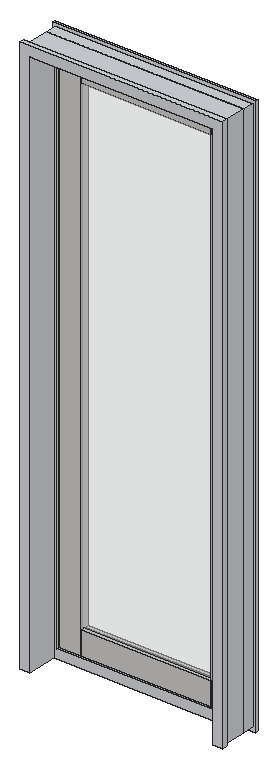
Revit family "APL Residential Thermal Heart Hinged Door Open In", category Doors, host Wall, Revit 2017 (continued)
Definition of nested family "APL Residential Thermal Heart Hinged Door Open In Horizontal Section"
  Definition of nested family "Open In Jamb&Hinge"
    Definition of nested family "65300_Open In Frame"
      Lines and regions (mm)
        model lines, in view "Ref. Level"
          curve 344: line (-8.072, -33.265, 0) -> (-14.428, -27.931, 0)
          curve 345: line (-14.1, -2.4, 0) -> (-14.1, -25.631, 0)
          curve 346: line (-13.528, -26.859, 0) -> (-7.044, -32.3, 0)
          curve 347: line (-6.369, -32.27, 0) -> (-1.693, -27.594, 0)
          curve 348: line (-1.4, -26.886, 0) -> (-1.4, -22.466, 0)
          curve 349: line (-2.14, -21.5, 0) -> (-2.14, -15, 0)
          curve 350: line (-1.055, -13.806, 0) -> (-1.055, -8.9, 0)
          curve 351: line (-1.555, -8.4, 0) -> (-2.5, -8.4, 0)
          curve 352: line (-4.1, -7.014, 0) -> (-4.1, -1.9, 0)
          curve 353: line (-4.6, -1.4, 0) -> (-13.102, -1.4, 0)
      Text (mm)
        text "65300" at (11.86, 30.704, 0), in view "Ref. Level"
  Definition of nested family "Open In Jamb"
    Types (2): name
      Open Out Jamb
      Jamb
    Reference planes
      plane 1 "Center (Front/Back)": y = 0
      plane 2: z = 0
      plane 3 "Center (Left/Right)": x = 0
    Lines and regions (mm)
      detail lines, in view "Ref. Level", not visible
        curve 1: arc (27.921, 135.423, 0) -> (27.611, 135.563, 0) -> (27.449, 135.264, 0) r 0.25
        curve 2: arc (27.475, 125.376, 0) -> (27.637, 125.077, 0) -> (27.948, 125.217, 0) r 0.25
        curve 3: line (27.449, 135.264, 0) -> (28.443, 131.396, 0)
        curve 4: line (28.443, 131.396, 0) -> (27.439, 130.817, 0)
        curve 5: line (27.439, 130.817, 0) -> (27.439, 129.817, 0)
        curve 6: line (27.439, 129.817, 0) -> (28.465, 129.225, 0)
        curve 7: line (28.465, 129.225, 0) -> (27.475, 125.376, 0)
        curve 8: line (27.948, 125.217, 0) -> (29.672, 129.317, 0)
        curve 9: line (29.672, 129.317, 0) -> (30.939, 129.317, 0)
        curve 10: line (30.939, 129.317, 0) -> (30.939, 128.067, 0)
        curve 11: line (30.939, 128.067, 0) -> (31.939, 128.067, 0)
        curve 12: line (31.939, 128.067, 0) -> (31.939, 132.567, 0)
        curve 13: line (31.939, 132.567, 0) -> (30.939, 132.567, 0)
        curve 14: line (30.939, 132.567, 0) -> (30.939, 131.317, 0)
        curve 15: line (30.939, 131.317, 0) -> (29.647, 131.317, 0)
        curve 16: line (29.647, 131.317, 0) -> (27.921, 135.423, 0)
        curve 17: arc (43.239, 46.459, 0) -> (43.098, 46.401, 0) -> (43.039, 46.259, 0) r 0.2
        curve 18: arc (43.039, 43.539, 0) -> (42.981, 43.398, 0) -> (42.839, 43.339, 0) r 0.2
        curve 19: arc (41.739, 43.339, 0) -> (41.032, 43.632, 0) -> (40.739, 44.339, 0) r 1
        curve 20: arc (40.304, 42.421, 0) -> (39.422, 41.539, 0) -> (38.539, 42.421, 0) r 0.882
        curve 21: arc (38.539, 44.651, 0) -> (38.545, 44.752, 0) -> (38.56, 44.852, 0) r 1
        curve 22: arc (39.401, 48.942, 0) -> (39.95, 49.665, 0) -> (40.814, 49.939, 0) r 1.5
        curve 23: arc (42.039, 49.939, 0) -> (42.747, 49.646, 0) -> (43.039, 48.939, 0) r 1
        curve 24: arc (47.988, 48.439, 0) -> (48.168, 48.327, 0) -> (48.146, 48.116, 0) r 0.2
        curve 25: arc (46.796, 45.416, 0) -> (46.657, 45.31, 0) -> (46.487, 45.354, 0) r 0.2
        curve 26: line (43.039, 46.259, 0) -> (43.039, 43.539, 0)
        curve 27: line (42.839, 43.339, 0) -> (42.439, 43.339, 0)
        curve 28: line (42.439, 43.339, 0) -> (41.739, 43.339, 0)
        curve 29: line (40.739, 44.339, 0) -> (40.739, 47.344, 0)
        curve 30: line (40.739, 47.344, 0) -> (40.312, 44.702, 0)
        curve 31: line (40.312, 44.702, 0) -> (40.304, 42.421, 0)
        curve 32: line (38.539, 42.421, 0) -> (38.539, 44.651, 0)
        curve 33: line (38.56, 44.852, 0) -> (39.401, 48.942, 0)
        curve 34: line (40.944, 49.939, 0) -> (42.039, 49.939, 0)
        curve 35: line (43.039, 48.939, 0) -> (43.039, 48.439, 0)
        curve 36: line (43.039, 48.439, 0) -> (47.988, 48.439, 0)
        curve 37: line (48.146, 48.116, 0) -> (46.796, 45.416, 0)
        curve 38: line (46.487, 45.354, 0) -> (45.203, 46.459, 0)
        curve 39: arc (45.203, 46.459, 0) -> (44.221, 46.592, 0) -> (43.239, 46.459, 0) r 3.701
        curve 40: arc (48.146, 48.116, 0) -> (48.168, 48.327, 0) -> (47.988, 48.439, 0) r 0.2
      detail lines, in view "Ref. Level"
        curve 41: arc (130.406, 36.74, 0) -> (130.546, 36.43, 0) -> (130.247, 36.267, 0) r 0.25
        curve 42: arc (120.359, 36.294, 0) -> (120.059, 36.456, 0) -> (120.199, 36.766, 0) r 0.25
        curve 43: line (130.247, 36.267, 0) -> (126.379, 37.261, 0)
        curve 44: line (126.379, 37.261, 0) -> (125.8, 36.258, 0)
        curve 45: line (125.8, 36.258, 0) -> (124.8, 36.258, 0)
        curve 46: line (124.8, 36.258, 0) -> (124.208, 37.283, 0)
        curve 47: line (124.208, 37.283, 0) -> (120.359, 36.294, 0)
        curve 48: line (120.199, 36.766, 0) -> (124.3, 38.49, 0)
        curve 49: line (124.3, 38.49, 0) -> (124.3, 39.758, 0)
        curve 50: line (124.3, 39.758, 0) -> (123.05, 39.758, 0)
        curve 51: line (123.05, 39.758, 0) -> (123.05, 40.758, 0)
        curve 52: line (123.05, 40.758, 0) -> (127.55, 40.758, 0)
        curve 53: line (127.55, 40.758, 0) -> (127.55, 39.758, 0)
        curve 54: line (127.55, 39.758, 0) -> (126.3, 39.758, 0)
        curve 55: line (126.3, 39.758, 0) -> (126.3, 38.466, 0)
        curve 56: line (126.3, 38.466, 0) -> (130.406, 36.74, 0)
        curve 57: arc (49.459, -8.742, 0) -> (49.401, -8.6, 0) -> (49.259, -8.542, 0) r 0.2
        curve 58: arc (46.539, -8.542, 0) -> (46.398, -8.483, 0) -> (46.339, -8.342, 0) r 0.2
        curve 59: arc (46.339, -7.242, 0) -> (46.632, -6.535, 0) -> (47.339, -6.242, 0) r 1
        curve 60: arc (45.421, -5.807, 0) -> (44.539, -4.924, 0) -> (45.421, -4.042, 0) r 0.882
        curve 61: arc (47.651, -4.042, 0) -> (47.752, -4.047, 0) -> (47.852, -4.062, 0) r 1
        curve 62: arc (51.942, -4.904, 0) -> (52.665, -5.452, 0) -> (52.939, -6.317, 0) r 1.5
        curve 63: arc (52.939, -7.542, 0) -> (52.646, -8.249, 0) -> (51.939, -8.542, 0) r 1
        curve 64: arc (51.439, -13.491, 0) -> (51.327, -13.67, 0) -> (51.116, -13.649, 0) r 0.2
        curve 65: arc (48.416, -12.299, 0) -> (48.31, -12.159, 0) -> (48.354, -11.99, 0) r 0.2
        curve 66: line (49.259, -8.542, 0) -> (46.539, -8.542, 0)
        curve 67: line (46.339, -8.342, 0) -> (46.339, -7.942, 0)
        curve 68: line (46.339, -7.942, 0) -> (46.339, -7.242, 0)
        curve 69: line (47.339, -6.242, 0) -> (50.344, -6.242, 0)
        curve 70: line (50.344, -6.242, 0) -> (47.702, -5.814, 0)
        curve 71: line (47.702, -5.814, 0) -> (45.421, -5.807, 0)
        curve 72: line (45.421, -4.042, 0) -> (47.651, -4.042, 0)
        curve 73: line (47.852, -4.062, 0) -> (51.942, -4.904, 0)
        curve 74: line (52.939, -6.447, 0) -> (52.939, -7.542, 0)
        curve 75: line (51.939, -8.542, 0) -> (51.439, -8.542, 0)
        curve 76: line (51.439, -8.542, 0) -> (51.439, -13.491, 0)
        curve 77: line (51.116, -13.649, 0) -> (48.416, -12.299, 0)
        curve 78: line (48.354, -11.99, 0) -> (49.459, -10.705, 0)
        curve 79: arc (49.459, -10.705, 0) -> (49.592, -9.724, 0) -> (49.459, -8.742, 0) r 3.701
        curve 80: arc (51.116, -13.649, 0) -> (51.327, -13.67, 0) -> (51.439, -13.491, 0) r 0.2
    Nested families
      nested 1: "65210_Lock Stile" at (40.05, -4.042, 0) x (0, 1, 0) z (0, 0, 1), type "65210_Lock Stile", in view "Ref. Level"
      nested 2: "65300_Open In Frame" at (25.5, 0, 0) x (0, 1, 0) z (0, 0, 1), type "65300_Open In Frame", in view "Ref. Level"
    Definition of nested family "65210_Lock Stile"
      Reference planes
        plane 1 "Center (Front/Back)": y = 0
        plane 2: z = 0
        plane 3 "Center (Left/Right)": x = 0
      Lines and regions (mm)
        model lines, in view "Ref. Level"
          curve 1: arc (27.4, 64.45, 0) -> (27.272, 64.668, 0) -> (27.019, 64.663, 0) r 0.25
          curve 2: arc (26.934, 64.611, 0) -> (26.828, 64.479, 0) -> (26.831, 64.309, 0) r 0.25
          curve 3: arc (25.577, 63.544, 0) -> (25.502, 63.511, 0) -> (25.421, 63.5, 0) r 0.3
          curve 4: arc (24.9, 63.5, 0) -> (24.742, 63.578, 0) -> (24.706, 63.75, 0) r 0.2
          curve 5: arc (24.9, 67.753, 0) -> (24.874, 67.875, 0) -> (24.8, 67.976, 0) r 0.3
          curve 6: arc (24.8, 67.976, 0) -> (24.72, 68.307, 0) -> (25, 68.5, 0) r 0.3
          curve 7: arc (27.221, 67.957, 0) -> (27.31, 67.905, 0) -> (27.362, 67.816, 0) r 0.2
          curve 8: arc (27.407, 67.648, 0) -> (27.548, 67.507, 0) -> (27.741, 67.559, 0) r 0.2
          curve 9: arc (28.105, 67.922, 0) -> (28.165, 68.008, 0) -> (28.192, 68.108, 0) r 0.3
          curve 10: arc (28.399, 70.474, 0) -> (28.283, 70.738, 0) -> (27.997, 70.782, 0) r 0.3
          curve 11: arc (26.587, 70.268, 0) -> (26.461, 70.181, 0) -> (26.395, 70.043, 0) r 0.3
          curve 12: arc (26.395, 70.043, 0) -> (26.122, 69.801, 0) -> (25.817, 70, 0) r 0.3
          curve 13: arc (24.003, 70, 0) -> (23.295, 69.707, 0) -> (23.003, 69, 0) r 1
          curve 14: arc (23.003, 63.28, 0) -> (22.944, 63.139, 0) -> (22.803, 63.08, 0) r 0.2
          curve 15: arc (17.703, 63.08, 0) -> (17.561, 63.139, 0) -> (17.503, 63.28, 0) r 0.2
          curve 16: arc (17.503, 69, 0) -> (17.21, 69.707, 0) -> (16.503, 70, 0) r 1
          curve 17: arc (9.5, 70, 0) -> (9.359, 69.941, 0) -> (9.3, 69.8, 0) r 0.2
          curve 18: arc (9.3, 69.5, 0) -> (9.38, 69.2, 0) -> (9.6, 68.98, 0) r 0.6
          curve 19: arc (10.7, 68.345, 0) -> (10.773, 68.272, 0) -> (10.8, 68.172, 0) r 0.2
          curve 20: arc (10.8, 64.08, 0) -> (10.507, 63.373, 0) -> (9.8, 63.08, 0) r 1
          curve 21: arc (2.42, 63.08, 0) -> (1.721, 63.366, 0) -> (1.421, 64.06, 0) r 1
          curve 22: arc (1.322, 68.935, 0) -> (1.357, 69.052, 0) -> (1.453, 69.127, 0) r 0.2
          curve 23: arc (1.453, 69.127, 0) -> (1.621, 69.234, 0) -> (1.725, 69.403, 0) r 0.45
          curve 24: arc (1.725, 69.403, 0) -> (1.729, 69.522, 0) -> (1.665, 69.621, 0) r 0.2
          curve 25: arc (0.2, 70, 0) -> (0.059, 69.941, 0) -> (0, 69.8, 0) r 0.2
          curve 26: arc (0, 0.501, 0) -> (0.146, 0.147, 0) -> (0.5, 0, 0) r 0.5
          curve 27: arc (1, 0, 0) -> (1.354, 0.146, 0) -> (1.5, 0.5, 0) r 0.5
          curve 28: arc (1.5, 2.8, 0) -> (1.559, 2.941, 0) -> (1.7, 3, 0) r 0.2
          curve 29: arc (31.817, 3, 0) -> (32.122, 3.199, 0) -> (32.395, 2.957, 0) r 0.3
          curve 30: arc (32.395, 2.957, 0) -> (32.461, 2.819, 0) -> (32.587, 2.732, 0) r 0.3
          curve 31: arc (33.997, 2.218, 0) -> (34.283, 2.262, 0) -> (34.399, 2.526, 0) r 0.3
          curve 32: arc (34.192, 4.892, 0) -> (34.165, 4.992, 0) -> (34.105, 5.078, 0) r 0.3
          curve 33: arc (33.741, 5.441, 0) -> (33.548, 5.493, 0) -> (33.407, 5.352, 0) r 0.2
          curve 34: arc (33.362, 5.184, 0) -> (33.31, 5.095, 0) -> (33.221, 5.043, 0) r 0.2
          curve 35: arc (31, 4.5, 0) -> (30.72, 4.693, 0) -> (30.8, 5.024, 0) r 0.3
          curve 36: arc (30.8, 5.024, 0) -> (30.874, 5.125, 0) -> (30.9, 5.247, 0) r 0.3
          curve 37: arc (30.706, 9.25, 0) -> (30.742, 9.422, 0) -> (30.9, 9.5, 0) r 0.2
          curve 38: arc (31.421, 9.5, 0) -> (31.502, 9.489, 0) -> (31.577, 9.456, 0) r 0.3
          curve 39: arc (32.831, 8.691, 0) -> (32.828, 8.521, 0) -> (32.934, 8.389, 0) r 0.25
          curve 40: arc (33.02, 8.337, 0) -> (33.272, 8.332, 0) -> (33.4, 8.55, 0) r 0.25
          curve 41: arc (33.4, 11.2, 0) -> (33.341, 11.341, 0) -> (33.2, 11.4, 0) r 0.2
          curve 42: arc (30, 11.4, 0) -> (29.293, 11.107, 0) -> (29, 10.4, 0) r 1
          curve 43: arc (2.1, 4.6, 0) -> (1.746, 4.746, 0) -> (1.6, 5.1, 0) r 0.5
          curve 44: arc (1.6, 60.98, 0) -> (1.746, 61.334, 0) -> (2.1, 61.48, 0) r 0.5
          curve 45: arc (9.8, 61.48, 0) -> (11.638, 62.242, 0) -> (12.4, 64.08, 0) r 2.6
          curve 46: arc (12.4, 68.2, 0) -> (12.459, 68.341, 0) -> (12.6, 68.4, 0) r 0.2
          curve 47: arc (15.703, 68.4, 0) -> (15.844, 68.341, 0) -> (15.903, 68.2, 0) r 0.2
          curve 48: arc (15.903, 62, 0) -> (16.049, 61.646, 0) -> (16.403, 61.5, 0) r 0.5
          curve 49: arc (27.2, 61.5, 0) -> (27.341, 61.559, 0) -> (27.4, 61.7, 0) r 0.2
          curve 50: line (26.831, 64.309, 0) -> (25.577, 63.544, 0)
          curve 51: line (25.577, 63.544, 0) -> (24.9, 63.5, 0)
          curve 52: line (24.706, 63.75, 0) -> (24.894, 64.475, 0)
          curve 53: line (24.894, 64.475, 0) -> (24.9, 67.753, 0)
          curve 54: line (25.154, 68.5, 0) -> (27.221, 67.957, 0)
          curve 55: line (27.221, 67.957, 0) -> (27.407, 67.648, 0)
          curve 56: line (27.741, 67.559, 0) -> (28.105, 67.922, 0)
          curve 57: line (28.192, 68.108, 0) -> (28.399, 70.474, 0)
          curve 58: line (27.997, 70.782, 0) -> (26.587, 70.268, 0)
          curve 59: line (25.817, 70, 0) -> (24.003, 70, 0)
          curve 60: line (23.003, 69, 0) -> (23.003, 63.28, 0)
          curve 61: line (22.803, 63.08, 0) -> (17.703, 63.08, 0)
          curve 62: line (17.503, 63.28, 0) -> (17.503, 69, 0)
          curve 63: line (16.503, 70, 0) -> (9.5, 70, 0)
          curve 64: line (9.3, 69.8, 0) -> (9.3, 69.5, 0)
          curve 65: line (9.6, 68.98, 0) -> (10.7, 68.345, 0)
          curve 66: line (10.8, 68.172, 0) -> (10.8, 64.08, 0)
          curve 67: line (9.8, 63.08, 0) -> (2.42, 63.08, 0)
          curve 68: line (1.421, 64.06, 0) -> (1.322, 68.935, 0)
          curve 69: line (1.665, 69.621, 0) -> (1.269, 69.953, 0)
          curve 70: line (1.269, 69.953, 0) -> (0.2, 70, 0)
          curve 71: line (0, 69.8, 0) -> (0, 0.501, 0)
          curve 72: line (0.5, 0, 0) -> (1, 0, 0)
          curve 73: line (1.5, 0.5, 0) -> (1.5, 2.8, 0)
          curve 74: line (1.7, 3, 0) -> (17.6, 3, 0)
          curve 75: line (17.6, 3, 0) -> (18, 3.4, 0)
          curve 76: line (18, 3.4, 0) -> (18.4, 3, 0)
          curve 77: line (18.4, 3, 0) -> (19.6, 3, 0)
          curve 78: line (19.6, 3, 0) -> (20, 3.4, 0)
          curve 79: line (20, 3.4, 0) -> (20.4, 3, 0)
          curve 80: line (20.4, 3, 0) -> (31.817, 3, 0)
          curve 81: line (32.587, 2.732, 0) -> (33.997, 2.218, 0)
          curve 82: line (34.399, 2.526, 0) -> (34.192, 4.892, 0)
          curve 83: line (34.105, 5.078, 0) -> (33.741, 5.441, 0)
          curve 84: line (33.407, 5.352, 0) -> (33.362, 5.184, 0)
          curve 85: line (33.362, 5.184, 0) -> (31.232, 4.51, 0)
          curve 86: line (31.232, 4.51, 0) -> (31, 4.5, 0)
          curve 87: line (30.9, 5.247, 0) -> (30.9, 8.475, 0)
          curve 88: line (30.9, 8.475, 0) -> (30.706, 9.25, 0)
          curve 89: line (30.9, 9.5, 0) -> (31.421, 9.5, 0)
          curve 90: line (31.421, 9.5, 0) -> (32.831, 8.691, 0)
          curve 91: line (33.4, 8.55, 0) -> (33.4, 11.2, 0)
          curve 92: line (33.2, 11.4, 0) -> (30, 11.4, 0)
          curve 93: line (29, 10.4, 0) -> (29, 5.8, 0)
          curve 94: line (29, 5.8, 0) -> (23.5, 5.8, 0)
          curve 95: line (23.5, 5.8, 0) -> (22.3, 4.6, 0)
          curve 96: line (22.3, 4.6, 0) -> (15.7, 4.6, 0)
          curve 97: line (15.7, 4.6, 0) -> (14.5, 5.8, 0)
          curve 98: line (14.5, 5.8, 0) -> (9.5, 5.8, 0)
          curve 99: line (9.5, 5.8, 0) -> (8.3, 4.6, 0)
          curve 100: line (8.3, 4.6, 0) -> (2.1, 4.6, 0)
          curve 101: line (1.6, 5.1, 0) -> (1.6, 60.98, 0)
          curve 102: line (2.1, 61.48, 0) -> (9.8, 61.48, 0)
          curve 103: line (12.4, 64.08, 0) -> (12.4, 68.2, 0)
          curve 104: line (12.6, 68.4, 0) -> (15.703, 68.4, 0)
          curve 105: line (15.903, 68.2, 0) -> (15.903, 62, 0)
          curve 106: line (16.403, 61.5, 0) -> (19.603, 61.5, 0)
          curve 107: line (19.603, 61.5, 0) -> (20.003, 61.9, 0)
          curve 108: line (20.003, 61.9, 0) -> (20.403, 61.5, 0)
          curve 109: line (20.403, 61.5, 0) -> (27.2, 61.5, 0)
          curve 110: line (27.4, 61.7, 0) -> (27.4, 64.45, 0)
          curve 111: line (27.4, 64.45, 0) -> (27.4, 63.6, 0)
          curve 112: arc (41, 62.874, 0) -> (41.128, 62.385, 0) -> (41.479, 62.021, 0) r 1
          curve 113: arc (42.049, 61.673, 0) -> (42.174, 61.619, 0) -> (42.309, 61.6, 0) r 0.5
          curve 114: arc (44.9, 61.6, 0) -> (45.254, 61.746, 0) -> (45.4, 62.1, 0) r 0.5
          curve 115: arc (45.4, 68.091, 0) -> (45.455, 68.318, 0) -> (45.608, 68.496, 0) r 0.5
          curve 116: arc (45.608, 68.496, 0) -> (45.836, 68.687, 0) -> (46.035, 68.908, 0) r 2.1
          curve 117: arc (46.035, 68.908, 0) -> (46.21, 69.049, 0) -> (46.429, 69.1, 0) r 0.5
          curve 118: arc (49.6, 69.1, 0) -> (49.954, 68.954, 0) -> (50.1, 68.6, 0) r 0.5
          curve 119: arc (50.1, 15.4, 0) -> (49.954, 15.046, 0) -> (49.6, 14.9, 0) r 0.5
          curve 120: arc (45.3, 14.9, 0) -> (45.159, 14.841, 0) -> (45.1, 14.7, 0) r 0.2
          curve 121: arc (45.1, 13.1, 0) -> (45.159, 12.959, 0) -> (45.3, 12.9, 0) r 0.2
          curve 122: arc (49.9, 12.9, 0) -> (50.041, 12.841, 0) -> (50.1, 12.7, 0) r 0.2
          curve 123: arc (50.1, 11.7, 0) -> (50.041, 11.559, 0) -> (49.9, 11.5, 0) r 0.2
          curve 124: arc (48.473, 11.5, 0) -> (48.338, 11.481, 0) -> (48.212, 11.427, 0) r 0.5
          curve 125: arc (47.479, 10.979, 0) -> (47.128, 10.615, 0) -> (47, 10.126, 0) r 1
          curve 126: arc (47, 8.55, 0) -> (47.128, 8.332, 0) -> (47.38, 8.337, 0) r 0.25
          curve 127: arc (47.466, 8.389, 0) -> (47.572, 8.521, 0) -> (47.569, 8.691, 0) r 0.25
          curve 128: arc (48.823, 9.456, 0) -> (48.898, 9.489, 0) -> (48.979, 9.5, 0) r 0.3
          curve 129: arc (49.5, 9.5, 0) -> (49.658, 9.422, 0) -> (49.694, 9.25, 0) r 0.2
          curve 130: arc (49.5, 5.247, 0) -> (49.526, 5.125, 0) -> (49.6, 5.024, 0) r 0.3
          curve 131: arc (49.6, 5.024, 0) -> (49.68, 4.693, 0) -> (49.4, 4.5, 0) r 0.3
          curve 132: arc (47.179, 5.043, 0) -> (47.09, 5.095, 0) -> (47.038, 5.184, 0) r 0.2
          curve 133: arc (46.993, 5.352, 0) -> (46.852, 5.493, 0) -> (46.659, 5.441, 0) r 0.2
          curve 134: arc (46.295, 5.078, 0) -> (46.235, 4.992, 0) -> (46.208, 4.892, 0) r 0.3
          curve 135: arc (46.001, 2.526, 0) -> (46.117, 2.262, 0) -> (46.403, 2.218, 0) r 0.3
          curve 136: arc (47.813, 2.732, 0) -> (47.939, 2.819, 0) -> (48.005, 2.957, 0) r 0.3
          curve 137: arc (48.005, 2.957, 0) -> (48.278, 3.199, 0) -> (48.583, 3, 0) r 0.3
          curve 138: arc (50.5, 0.5, 0) -> (50.646, 0.146, 0) -> (51, 0, 0) r 0.5
          curve 139: arc (51.5, 0, 0) -> (51.854, 0.146, 0) -> (52, 0.5, 0) r 0.5
          curve 140: arc (52, 89.2, 0) -> (51.8, 89.4, 0) -> (51.6, 89.2, 0) r 0.2
          curve 141: arc (43, 89, 0) -> (42.646, 88.854, 0) -> (42.5, 88.5, 0) r 0.5
          curve 142: arc (42.5, 87.25, 0) -> (43, 86.75, 0) -> (43.5, 87.25, 0) r 0.5
          curve 143: arc (43.5, 87.8, 0) -> (43.559, 87.941, 0) -> (43.7, 88, 0) r 0.2
          curve 144: arc (44.8, 88, 0) -> (44.941, 87.941, 0) -> (45, 87.8, 0) r 0.2
          curve 145: arc (45, 82.7, 0) -> (44.941, 82.559, 0) -> (44.8, 82.5, 0) r 0.2
          curve 146: arc (43.7, 82.5, 0) -> (43.559, 82.559, 0) -> (43.5, 82.7, 0) r 0.2
          curve 147: arc (43.5, 83.25, 0) -> (43, 83.75, 0) -> (42.5, 83.25, 0) r 0.5
          curve 148: arc (42.5, 81.7, 0) -> (42.559, 81.559, 0) -> (42.7, 81.5, 0) r 0.2
          curve 149: arc (46, 81.5, 0) -> (46.354, 81.646, 0) -> (46.5, 82, 0) r 0.5
          curve 150: arc (46.5, 87, 0) -> (46.646, 87.354, 0) -> (47, 87.5, 0) r 0.5
          curve 151: arc (49.6, 87.5, 0) -> (49.954, 87.354, 0) -> (50.1, 87, 0) r 0.5
          curve 152: arc (50.1, 71.5, 0) -> (49.954, 71.146, 0) -> (49.6, 71, 0) r 0.5
          curve 153: arc (44.78, 71, 0) -> (44.639, 70.941, 0) -> (44.58, 70.8, 0) r 0.2
          curve 154: arc (44.58, 70.2, 0) -> (44.521, 70.059, 0) -> (44.38, 70, 0) r 0.2
          curve 155: arc (42.583, 70, 0) -> (42.278, 69.801, 0) -> (42.005, 70.043, 0) r 0.3
          curve 156: arc (42.005, 70.043, 0) -> (41.939, 70.181, 0) -> (41.813, 70.268, 0) r 0.3
          curve 157: arc (40.403, 70.782, 0) -> (40.117, 70.738, 0) -> (40.001, 70.474, 0) r 0.3
          curve 158: arc (40.208, 68.108, 0) -> (40.235, 68.008, 0) -> (40.295, 67.922, 0) r 0.3
          curve 159: arc (40.659, 67.559, 0) -> (40.852, 67.507, 0) -> (40.993, 67.648, 0) r 0.2
          curve 160: arc (41.038, 67.816, 0) -> (41.09, 67.905, 0) -> (41.179, 67.957, 0) r 0.2
          curve 161: arc (43.4, 68.5, 0) -> (43.68, 68.307, 0) -> (43.6, 67.976, 0) r 0.3
          curve 162: arc (43.6, 67.976, 0) -> (43.526, 67.875, 0) -> (43.5, 67.753, 0) r 0.3
          curve 163: arc (43.694, 63.75, 0) -> (43.658, 63.578, 0) -> (43.5, 63.5, 0) r 0.2
          curve 164: arc (42.979, 63.5, 0) -> (42.898, 63.511, 0) -> (42.823, 63.544, 0) r 0.3
          curve 165: arc (41.569, 64.309, 0) -> (41.572, 64.479, 0) -> (41.466, 64.611, 0) r 0.25
          curve 166: line (41, 64.45, 0) -> (41, 62.874, 0)
          curve 167: line (41.479, 62.021, 0) -> (42.049, 61.673, 0)
          curve 168: line (42.309, 61.6, 0) -> (44.9, 61.6, 0)
          curve 169: line (45.4, 62.1, 0) -> (45.4, 68.091, 0)
          curve 170: line (46.429, 69.1, 0) -> (49.6, 69.1, 0)
          curve 171: line (50.1, 68.6, 0) -> (50.1, 15.4, 0)
          curve 172: line (49.6, 14.9, 0) -> (45.3, 14.9, 0)
          curve 173: line (45.1, 14.7, 0) -> (45.1, 13.1, 0)
          curve 174: line (45.3, 12.9, 0) -> (49.9, 12.9, 0)
          curve 175: line (50.1, 12.7, 0) -> (50.1, 11.7, 0)
          curve 176: line (49.9, 11.5, 0) -> (48.473, 11.5, 0)
          curve 177: line (48.212, 11.427, 0) -> (47.479, 10.979, 0)
          curve 178: line (47, 10.126, 0) -> (47, 8.55, 0)
          curve 179: line (47.569, 8.691, 0) -> (48.823, 9.456, 0)
          curve 180: line (48.823, 9.456, 0) -> (49.5, 9.5, 0)
          curve 181: line (49.694, 9.25, 0) -> (49.506, 8.525, 0)
          curve 182: line (49.506, 8.525, 0) -> (49.5, 5.247, 0)
          curve 183: line (49.246, 4.5, 0) -> (47.179, 5.043, 0)
          curve 184: line (47.179, 5.043, 0) -> (46.993, 5.352, 0)
          curve 185: line (46.659, 5.441, 0) -> (46.295, 5.078, 0)
          curve 186: line (46.208, 4.892, 0) -> (46.001, 2.526, 0)
          curve 187: line (46.403, 2.218, 0) -> (47.813, 2.732, 0)
          curve 188: line (48.583, 3, 0) -> (50.5, 3, 0)
          curve 189: line (50.5, 3, 0) -> (50.5, 0.5, 0)
          curve 190: line (51, 0, 0) -> (51.5, 0, 0)
          curve 191: line (52, 0.5, 0) -> (52, 89.2, 0)
          curve 192: line (51.6, 89.2, 0) -> (51.6, 89, 0)
          curve 193: line (51.6, 89, 0) -> (43, 89, 0)
          curve 194: line (42.5, 88.5, 0) -> (42.5, 87.25, 0)
          curve 195: line (43.5, 87.25, 0) -> (43.5, 87.8, 0)
          curve 196: line (43.7, 88, 0) -> (44.8, 88, 0)
          curve 197: line (45, 87.8, 0) -> (45, 82.7, 0)
          curve 198: line (44.8, 82.5, 0) -> (43.7, 82.5, 0)
          curve 199: line (43.5, 82.7, 0) -> (43.5, 83.25, 0)
          curve 200: line (42.5, 83.25, 0) -> (42.5, 81.7, 0)
          curve 201: line (42.7, 81.5, 0) -> (46, 81.5, 0)
          curve 202: line (46.5, 82, 0) -> (46.5, 87, 0)
          curve 203: line (47, 87.5, 0) -> (49.6, 87.5, 0)
          curve 204: line (50.1, 87, 0) -> (50.1, 71.5, 0)
          curve 205: line (49.6, 71, 0) -> (44.78, 71, 0)
          curve 206: line (44.58, 70.8, 0) -> (44.58, 70.2, 0)
          curve 207: line (44.38, 70, 0) -> (42.583, 70, 0)
          curve 208: line (41.813, 70.268, 0) -> (40.403, 70.782, 0)
          curve 209: line (40.001, 70.474, 0) -> (40.208, 68.108, 0)
          curve 210: line (40.295, 67.922, 0) -> (40.659, 67.559, 0)
          curve 211: line (40.993, 67.648, 0) -> (41.038, 67.816, 0)
          curve 212: line (41.038, 67.816, 0) -> (43.168, 68.49, 0)
          curve 213: line (43.168, 68.49, 0) -> (43.4, 68.5, 0)
          curve 214: line (43.5, 67.753, 0) -> (43.5, 64.525, 0)
          curve 215: line (43.5, 64.525, 0) -> (43.694, 63.75, 0)
          curve 216: line (43.5, 63.5, 0) -> (42.979, 63.5, 0)
          curve 217: line (42.979, 63.5, 0) -> (41.569, 64.309, 0)
          curve 218: arc (41.38, 64.663, 0) -> (41.128, 64.668, 0) -> (41, 64.45, 0) r 0.25
          curve 219: arc (30.9, 8.561, 0) -> (31.017, 8.844, 0) -> (31.3, 8.961, 0) r 0.4
          curve 220: arc (31.593, 8.961, 0) -> (31.696, 8.947, 0) -> (31.793, 8.907, 0) r 0.4
          curve 221: arc (33.321, 8.022, 0) -> (33.611, 7.902, 0) -> (33.922, 7.861, 0) r 1.2
          curve 222: arc (34.845, 7.861, 0) -> (35.418, 7.68, 0) -> (35.784, 7.203, 0) r 1
          curve 223: arc (36.577, 5.024, 0) -> (36.724, 4.833, 0) -> (36.953, 4.761, 0) r 0.4
          curve 224: arc (43.447, 4.761, 0) -> (43.676, 4.833, 0) -> (43.823, 5.024, 0) r 0.4
          curve 225: arc (44.616, 7.203, 0) -> (44.982, 7.68, 0) -> (45.555, 7.861, 0) r 1
          curve 226: arc (46.478, 7.861, 0) -> (46.789, 7.902, 0) -> (47.079, 8.022, 0) r 1.2
          curve 227: arc (48.607, 8.907, 0) -> (48.704, 8.947, 0) -> (48.807, 8.961, 0) r 0.4
          curve 228: arc (49.1, 8.961, 0) -> (49.383, 8.844, 0) -> (49.5, 8.561, 0) r 0.4
          curve 229: arc (49.5, 5.161, 0) -> (49.383, 4.878, 0) -> (49.1, 4.761, 0) r 0.4
          curve 230: arc (48.807, 4.761, 0) -> (48.704, 4.775, 0) -> (48.607, 4.815, 0) r 0.4
          curve 231: arc (47.079, 5.699, 0) -> (46.785, 5.821, 0) -> (46.47, 5.861, 0) r 1.2
          curve 232: arc (46.47, 5.861, 0) -> (46.295, 5.808, 0) -> (46.184, 5.664, 0) r 0.3
          curve 233: arc (45.296, 3.224, 0) -> (45.149, 3.033, 0) -> (44.92, 2.961, 0) r 0.4
          curve 234: arc (35.48, 2.961, 0) -> (35.251, 3.033, 0) -> (35.104, 3.224, 0) r 0.4
          curve 235: arc (34.216, 5.664, 0) -> (34.105, 5.808, 0) -> (33.93, 5.861, 0) r 0.3
          curve 236: arc (33.93, 5.861, 0) -> (33.615, 5.821, 0) -> (33.321, 5.699, 0) r 1.2
          curve 237: arc (31.793, 4.815, 0) -> (31.696, 4.775, 0) -> (31.593, 4.761, 0) r 0.4
          curve 238: arc (31.3, 4.761, 0) -> (31.017, 4.878, 0) -> (30.9, 5.161, 0) r 0.4
          curve 239: line (31.3, 8.961, 0) -> (31.593, 8.961, 0)
          curve 240: line (31.793, 8.907, 0) -> (33.321, 8.022, 0)
          curve 241: line (33.922, 7.861, 0) -> (34.845, 7.861, 0)
          curve 242: line (35.784, 7.203, 0) -> (36.577, 5.024, 0)
          curve 243: line (36.953, 4.761, 0) -> (43.447, 4.761, 0)
          curve 244: line (43.823, 5.024, 0) -> (44.616, 7.203, 0)
          curve 245: line (45.555, 7.861, 0) -> (46.478, 7.861, 0)
          curve 246: line (47.079, 8.022, 0) -> (48.607, 8.907, 0)
          curve 247: line (48.807, 8.961, 0) -> (49.1, 8.961, 0)
          curve 248: line (49.5, 8.561, 0) -> (49.5, 5.161, 0)
          curve 249: line (49.1, 4.761, 0) -> (48.807, 4.761, 0)
          curve 250: line (48.607, 4.815, 0) -> (47.079, 5.699, 0)
          curve 251: line (46.184, 5.664, 0) -> (45.296, 3.224, 0)
          curve 252: line (44.92, 2.961, 0) -> (35.48, 2.961, 0)
          curve 253: line (35.104, 3.224, 0) -> (34.216, 5.664, 0)
          curve 254: line (33.321, 5.699, 0) -> (31.793, 4.815, 0)
          curve 255: line (31.593, 4.761, 0) -> (31.3, 4.761, 0)
          curve 256: line (30.9, 5.161, 0) -> (30.9, 8.561, 0)
          curve 257: arc (24.9, 64.439, 0) -> (25.017, 64.156, 0) -> (25.3, 64.039, 0) r 0.4
          curve 258: arc (25.593, 64.039, 0) -> (25.696, 64.053, 0) -> (25.793, 64.093, 0) r 0.4
          curve 259: arc (27.321, 64.978, 0) -> (27.611, 65.098, 0) -> (27.922, 65.139, 0) r 1.2
          curve 260: arc (28.845, 65.139, 0) -> (29.418, 65.32, 0) -> (29.784, 65.797, 0) r 1
          curve 261: arc (30.577, 67.976, 0) -> (30.724, 68.167, 0) -> (30.953, 68.239, 0) r 0.4
          curve 262: arc (37.447, 68.239, 0) -> (37.676, 68.167, 0) -> (37.823, 67.976, 0) r 0.4
          curve 263: arc (38.616, 65.797, 0) -> (38.982, 65.32, 0) -> (39.555, 65.139, 0) r 1
          curve 264: arc (40.478, 65.139, 0) -> (40.789, 65.098, 0) -> (41.079, 64.978, 0) r 1.2
          curve 265: arc (42.607, 64.093, 0) -> (42.704, 64.053, 0) -> (42.807, 64.039, 0) r 0.4
          curve 266: arc (43.1, 64.039, 0) -> (43.383, 64.156, 0) -> (43.5, 64.439, 0) r 0.4
          curve 267: arc (43.5, 67.839, 0) -> (43.383, 68.122, 0) -> (43.1, 68.239, 0) r 0.4
          curve 268: arc (42.807, 68.239, 0) -> (42.704, 68.225, 0) -> (42.607, 68.185, 0) r 0.4
          curve 269: arc (41.079, 67.301, 0) -> (40.785, 67.179, 0) -> (40.47, 67.139, 0) r 1.2
          curve 270: arc (40.47, 67.139, 0) -> (40.295, 67.192, 0) -> (40.184, 67.336, 0) r 0.3
          curve 271: arc (39.296, 69.776, 0) -> (39.149, 69.967, 0) -> (38.92, 70.039, 0) r 0.4
          curve 272: arc (29.48, 70.039, 0) -> (29.251, 69.967, 0) -> (29.104, 69.776, 0) r 0.4
          curve 273: arc (28.216, 67.336, 0) -> (28.105, 67.192, 0) -> (27.93, 67.139, 0) r 0.3
          curve 274: arc (27.93, 67.139, 0) -> (27.615, 67.179, 0) -> (27.321, 67.301, 0) r 1.2
          curve 275: arc (25.793, 68.185, 0) -> (25.696, 68.225, 0) -> (25.593, 68.239, 0) r 0.4
          curve 276: arc (25.3, 68.239, 0) -> (25.017, 68.122, 0) -> (24.9, 67.839, 0) r 0.4
          curve 277: line (25.3, 64.039, 0) -> (25.593, 64.039, 0)
          curve 278: line (25.793, 64.093, 0) -> (27.321, 64.978, 0)
          curve 279: line (27.922, 65.139, 0) -> (28.845, 65.139, 0)
          curve 280: line (29.784, 65.797, 0) -> (30.577, 67.976, 0)
          curve 281: line (30.953, 68.239, 0) -> (37.447, 68.239, 0)
          curve 282: line (37.823, 67.976, 0) -> (38.616, 65.797, 0)
          curve 283: line (39.555, 65.139, 0) -> (40.478, 65.139, 0)
          curve 284: line (41.079, 64.978, 0) -> (42.607, 64.093, 0)
          curve 285: line (42.807, 64.039, 0) -> (43.1, 64.039, 0)
          curve 286: line (43.5, 64.439, 0) -> (43.5, 67.839, 0)
          curve 287: line (43.1, 68.239, 0) -> (42.807, 68.239, 0)
          curve 288: line (42.607, 68.185, 0) -> (41.079, 67.301, 0)
          curve 289: line (40.184, 67.336, 0) -> (39.296, 69.776, 0)
          curve 290: line (38.92, 70.039, 0) -> (29.48, 70.039, 0)
          curve 291: line (29.104, 69.776, 0) -> (28.216, 67.336, 0)
          curve 292: line (27.321, 67.301, 0) -> (25.793, 68.185, 0)
          curve 293: line (25.593, 68.239, 0) -> (25.3, 68.239, 0)
          curve 294: line (24.9, 67.839, 0) -> (24.9, 64.439, 0)
      Text (mm)
        text "65210" at (8.097, 105.51, 0), in view "Ref. Level"
    Definition of nested family "65300_Open In Frame"
      Reference planes
        plane 1 "Center (Front/Back)": y = 0
        plane 2: z = 0
        plane 3 "Center (Left/Right)": x = 0
      Lines and regions (mm)
        model lines, in view "Ref. Level"
          curve 1: arc (41.813, -11.527, 0) -> (41.517, -11.698, 0) -> (41.4, -12.02, 0) r 0.5
          curve 2: arc (41.4, -13.4, 0) -> (41.341, -13.541, 0) -> (41.2, -13.6, 0) r 0.2
          curve 3: arc (16.255, -13.6, 0) -> (16.114, -13.541, 0) -> (16.055, -13.4, 0) r 0.2
          curve 4: arc (16.055, -8.6, 0) -> (16.114, -8.459, 0) -> (16.255, -8.4, 0) r 0.2
          curve 5: arc (16.9, -8.4, 0) -> (17.961, -7.961, 0) -> (18.4, -6.9, 0) r 1.5
          curve 6: arc (18.4, -2.6, 0) -> (18.459, -2.459, 0) -> (18.6, -2.4, 0) r 0.2
          curve 7: arc (23.2, -2.4, 0) -> (23.341, -2.341, 0) -> (23.4, -2.2, 0) r 0.2
          curve 8: arc (23.4, -1.6, 0) -> (23.459, -1.459, 0) -> (23.6, -1.4, 0) r 0.2
          curve 9: arc (33.4, -1.4, 0) -> (33.541, -1.459, 0) -> (33.6, -1.6, 0) r 0.2
          curve 10: arc (33.6, -2.2, 0) -> (33.659, -2.341, 0) -> (33.8, -2.4, 0) r 0.2
          curve 11: arc (38.4, -2.4, 0) -> (38.541, -2.341, 0) -> (38.6, -2.2, 0) r 0.2
          curve 12: arc (38.6, -1.6, 0) -> (38.659, -1.459, 0) -> (38.8, -1.4, 0) r 0.2
          curve 13: arc (39.375, -1.4, 0) -> (39.996, -1.318, 0) -> (40.575, -1.078, 0) r 2.4
          curve 14: arc (48.4, 2.4, 0) -> (48.541, 2.341, 0) -> (48.6, 2.2, 0) r 0.2
          curve 15: arc (48.6, -2.8, 0) -> (48.454, -3.154, 0) -> (48.1, -3.3, 0) r 0.5
          curve 16: arc (46, -3.3, 0) -> (45.01, -3.71, 0) -> (44.6, -4.7, 0) r 1.4
          curve 17: arc (44.6, -10.616, 0) -> (44.483, -10.938, 0) -> (44.187, -11.109, 0) r 0.5
          curve 18: arc (16.4, -1.5, 0) -> (16.68, -1.693, 0) -> (16.6, -2.024, 0) r 0.3
          curve 19: arc (16.6, -2.024, 0) -> (16.526, -2.125, 0) -> (16.5, -2.247, 0) r 0.3
          curve 20: arc (16.694, -6.25, 0) -> (16.658, -6.422, 0) -> (16.5, -6.5, 0) r 0.2
          curve 21: arc (15.979, -6.5, 0) -> (15.898, -6.489, 0) -> (15.823, -6.456, 0) r 0.3
          curve 22: arc (14.569, -5.691, 0) -> (14.572, -5.521, 0) -> (14.466, -5.389, 0) r 0.25
          curve 23: arc (14.38, -5.337, 0) -> (14.15, -5.321, 0) -> (14.005, -5.5, 0) r 0.25
          curve 24: arc (13.755, -5.5, 0) -> (13.614, -5.559, 0) -> (13.555, -5.7, 0) r 0.2
          curve 25: arc (13.555, -7.186, 0) -> (13.581, -7.284, 0) -> (13.651, -7.356, 0) r 0.2
          curve 26: arc (14.059, -7.606, 0) -> (14.129, -7.679, 0) -> (14.155, -7.776, 0) r 0.2
          curve 27: arc (15.056, -16.445, 0) -> (15.361, -16.746, 0) -> (15.787, -16.701, 0) r 0.5
          curve 28: arc (15.924, -16.617, 0) -> (16.074, -16.697, 0) -> (16.24, -16.663, 0) r 0.25
          curve 29: arc (16.326, -16.611, 0) -> (16.432, -16.479, 0) -> (16.429, -16.309, 0) r 0.25
          curve 30: arc (17.682, -15.544, 0) -> (17.758, -15.511, 0) -> (17.839, -15.5, 0) r 0.3
          curve 31: arc (18.36, -15.5, 0) -> (18.518, -15.578, 0) -> (18.554, -15.75, 0) r 0.2
          curve 32: arc (18.36, -19.753, 0) -> (18.386, -19.875, 0) -> (18.46, -19.976, 0) r 0.3
          curve 33: arc (18.46, -19.976, 0) -> (18.54, -20.307, 0) -> (18.26, -20.5, 0) r 0.3
          curve 34: arc (16.039, -19.957, 0) -> (15.95, -19.905, 0) -> (15.898, -19.816, 0) r 0.2
          curve 35: arc (15.853, -19.648, 0) -> (15.712, -19.507, 0) -> (15.519, -19.559, 0) r 0.2
          curve 36: arc (15.155, -19.922, 0) -> (15.095, -20.008, 0) -> (15.068, -20.108, 0) r 0.3
          curve 37: arc (14.861, -22.474, 0) -> (14.977, -22.738, 0) -> (15.263, -22.782, 0) r 0.3
          curve 38: arc (16.673, -22.268, 0) -> (16.799, -22.181, 0) -> (16.865, -22.043, 0) r 0.3
          curve 39: arc (16.865, -22.043, 0) -> (17.138, -21.801, 0) -> (17.443, -22, 0) r 0.3
          curve 40: arc (19.76, -22, 0) -> (20.114, -21.854, 0) -> (20.26, -21.5, 0) r 0.5
          curve 41: arc (20.26, -15.2, 0) -> (20.319, -15.059, 0) -> (20.46, -15, 0) r 0.2
          curve 42: arc (24.707, -15.057, 0) -> (24.868, -15.163, 0) -> (25.057, -15.2, 0) r 0.5
          curve 43: arc (34.743, -15.2, 0) -> (34.932, -15.164, 0) -> (35.093, -15.057, 0) r 0.485
          curve 44: arc (41.4, -15, 0) -> (42.39, -14.59, 0) -> (42.8, -13.6, 0) r 1.4
          curve 45: arc (42.8, -13.194, 0) -> (42.917, -12.873, 0) -> (43.213, -12.702, 0) r 0.5
          curve 46: arc (44.013, -12.561, 0) -> (44.421, -12.67, 0) -> (44.6, -13.053, 0) r 0.5
          curve 47: arc (44.6, -24.2, 0) -> (44.981, -25.119, 0) -> (45.9, -25.5, 0) r 1.3
          curve 48: arc (55.35, -25.5, 0) -> (56, -24.85, 0) -> (55.35, -24.2, 0) r 0.65
          curve 49: arc (49.5, -4.7, 0) -> (49.854, -4.554, 0) -> (50, -4.2, 0) r 0.5
          curve 50: arc (50, 7.5, 0) -> (49.707, 8.207, 0) -> (49, 8.5, 0) r 1
          curve 51: arc (46.6, 8.5, 0) -> (45.893, 8.207, 0) -> (45.6, 7.5, 0) r 1
          curve 52: arc (45.6, 7.4, 0) -> (45.688, 7.188, 0) -> (45.9, 7.1, 0) r 0.3
          curve 53: arc (48.4, 7.1, 0) -> (48.541, 7.041, 0) -> (48.6, 6.9, 0) r 0.2
          curve 54: arc (48.6, 4, 0) -> (48.541, 3.859, 0) -> (48.4, 3.8, 0) r 0.2
          curve 55: arc (46.6, 3.8, 0) -> (46.238, 3.752, 0) -> (45.9, 3.612, 0) r 1.4
          curve 56: arc (39.875, 0.134, 0) -> (39.634, 0.034, 0) -> (39.375, 0, 0) r 1
          curve 57: arc (15.583, 0, 0) -> (15.278, -0.199, 0) -> (15.005, 0.043, 0) r 0.3
          curve 58: arc (15.005, 0.043, 0) -> (14.939, 0.181, 0) -> (14.813, 0.268, 0) r 0.3
          curve 59: arc (13.403, 0.782, 0) -> (13.117, 0.738, 0) -> (13.001, 0.474, 0) r 0.3
          curve 60: arc (13.208, -1.892, 0) -> (13.235, -1.992, 0) -> (13.295, -2.078, 0) r 0.3
          curve 61: arc (13.659, -2.441, 0) -> (13.852, -2.493, 0) -> (13.993, -2.352, 0) r 0.2
          curve 62: line (41.4, -12.02, 0) -> (41.4, -13.4, 0)
          curve 63: line (41.2, -13.6, 0) -> (16.255, -13.6, 0)
          curve 64: line (16.055, -13.4, 0) -> (16.055, -8.6, 0)
          curve 65: line (16.255, -8.4, 0) -> (16.9, -8.4, 0)
          curve 66: line (18.4, -6.9, 0) -> (18.4, -2.6, 0)
          curve 67: line (18.6, -2.4, 0) -> (23.2, -2.4, 0)
          curve 68: line (23.4, -2.2, 0) -> (23.4, -1.6, 0)
          curve 69: line (23.6, -1.4, 0) -> (33.4, -1.4, 0)
          curve 70: line (33.6, -1.6, 0) -> (33.6, -2.2, 0)
          curve 71: line (33.8, -2.4, 0) -> (38.4, -2.4, 0)
          curve 72: line (38.6, -2.2, 0) -> (38.6, -1.6, 0)
          curve 73: line (38.8, -1.4, 0) -> (39.375, -1.4, 0)
          curve 74: line (40.575, -1.078, 0) -> (46.554, 2.373, 0)
          curve 75: line (46.554, 2.373, 0) -> (48.4, 2.4, 0)
          curve 76: line (48.6, 2.2, 0) -> (48.6, -2.8, 0)
          curve 77: line (48.1, -3.3, 0) -> (46, -3.3, 0)
          curve 78: line (44.6, -4.7, 0) -> (44.6, -10.616, 0)
          curve 79: line (44.187, -11.109, 0) -> (41.813, -11.527, 0)
          curve 80: line (13.993, -2.352, 0) -> (14.179, -2.043, 0)
          curve 81: line (14.179, -2.043, 0) -> (16.168, -1.51, 0)
          curve 82: line (16.168, -1.51, 0) -> (16.4, -1.5, 0)
          curve 83: line (16.5, -2.247, 0) -> (16.5, -5.475, 0)
          curve 84: line (16.5, -5.475, 0) -> (16.694, -6.25, 0)
          curve 85: line (16.5, -6.5, 0) -> (15.979, -6.5, 0)
          curve 86: line (15.979, -6.5, 0) -> (14.569, -5.691, 0)
          curve 87: line (14.005, -5.5, 0) -> (13.755, -5.5, 0)
          curve 88: line (13.555, -5.7, 0) -> (13.555, -7.186, 0)
          curve 89: line (13.651, -7.356, 0) -> (14.059, -7.606, 0)
          curve 90: line (14.155, -7.776, 0) -> (14.155, -13.934, 0)
          curve 91: line (14.155, -13.934, 0) -> (15.056, -16.445, 0)
          curve 92: line (15.787, -16.701, 0) -> (15.924, -16.617, 0)
          curve 93: line (16.429, -16.309, 0) -> (17.682, -15.544, 0)
          curve 94: line (17.682, -15.544, 0) -> (18.36, -15.5, 0)
          curve 95: line (18.554, -15.75, 0) -> (18.366, -16.475, 0)
          curve 96: line (18.366, -16.475, 0) -> (18.36, -19.753, 0)
          curve 97: line (18.106, -20.5, 0) -> (16.039, -19.957, 0)
          curve 98: line (16.039, -19.957, 0) -> (15.853, -19.648, 0)
          curve 99: line (15.519, -19.559, 0) -> (15.155, -19.922, 0)
          curve 100: line (15.068, -20.108, 0) -> (14.861, -22.474, 0)
          curve 101: line (15.263, -22.782, 0) -> (16.673, -22.268, 0)
          curve 102: line (17.443, -22, 0) -> (19.76, -22, 0)
          curve 103: line (20.26, -21.5, 0) -> (20.26, -15.2, 0)
          curve 104: line (20.46, -15, 0) -> (24.567, -15, 0)
          curve 105: line (25.057, -15.2, 0) -> (29.5, -15.2, 0)
          curve 106: line (29.5, -15.2, 0) -> (29.9, -14.8, 0)
          curve 107: line (29.9, -14.8, 0) -> (30.3, -15.2, 0)
          curve 108: line (30.3, -15.2, 0) -> (34.743, -15.2, 0)
          curve 109: line (35.233, -15, 0) -> (41.4, -15, 0)
          curve 110: line (42.8, -13.6, 0) -> (42.8, -13.194, 0)
          curve 111: line (43.213, -12.702, 0) -> (44.013, -12.561, 0)
          curve 112: line (44.6, -13.053, 0) -> (44.6, -24.2, 0)
          curve 113: line (45.9, -25.5, 0) -> (47.7, -25.5, 0)
          curve 114: line (47.7, -25.5, 0) -> (48, -25.2, 0)
          curve 115: line (48, -25.2, 0) -> (53.25, -25.2, 0)
          curve 116: line (53.25, -25.2, 0) -> (53.55, -25.5, 0)
          curve 117: line (53.55, -25.5, 0) -> (55.35, -25.5, 0)
          curve 118: line (55.35, -24.2, 0) -> (46, -24.2, 0)
          curve 119: line (46, -24.2, 0) -> (46, -4.7, 0)
          curve 120: line (46, -4.7, 0) -> (49.5, -4.7, 0)
          curve 121: line (50, -4.2, 0) -> (50, 7.5, 0)
          curve 122: line (49, 8.5, 0) -> (46.6, 8.5, 0)
          curve 123: line (45.9, 7.1, 0) -> (48.4, 7.1, 0)
          curve 124: line (48.6, 6.9, 0) -> (48.6, 4, 0)
          curve 125: line (48.4, 3.8, 0) -> (46.6, 3.8, 0)
          curve 126: line (45.9, 3.612, 0) -> (39.875, 0.134, 0)
          curve 127: line (39.375, 0, 0) -> (36.5, 0, 0)
          curve 128: line (36.5, 0, 0) -> (36.1, -0.4, 0)
          curve 129: line (36.1, -0.4, 0) -> (35.7, 0, 0)
          curve 130: line (35.7, 0, 0) -> (25.9, 0, 0)
          curve 131: line (25.9, 0, 0) -> (25.5, -0.4, 0)
          curve 132: line (25.5, -0.4, 0) -> (25.1, 0, 0)
          curve 133: line (25.1, 0, 0) -> (15.583, 0, 0)
          curve 134: line (14.813, 0.268, 0) -> (13.403, 0.782, 0)
          curve 135: line (13.001, 0.474, 0) -> (13.208, -1.892, 0)
          curve 136: line (13.295, -2.078, 0) -> (13.659, -2.441, 0)
          curve 137: arc (14.038, -2.184, 0) -> (14.09, -2.095, 0) -> (14.179, -2.043, 0) r 0.2
          curve 138: arc (-0.24, -19.661, 0) -> (-0.123, -19.944, 0) -> (0.16, -20.061, 0) r 0.4
          curve 139: arc (0.453, -20.061, 0) -> (0.556, -20.047, 0) -> (0.653, -20.007, 0) r 0.4
          curve 140: arc (2.181, -19.122, 0) -> (2.471, -19.002, 0) -> (2.782, -18.961, 0) r 1.2
          curve 141: arc (3.705, -18.961, 0) -> (4.278, -18.78, 0) -> (4.644, -18.303, 0) r 1
          curve 142: arc (5.437, -16.124, 0) -> (5.584, -15.933, 0) -> (5.813, -15.861, 0) r 0.4
          curve 143: arc (12.307, -15.861, 0) -> (12.536, -15.933, 0) -> (12.683, -16.124, 0) r 0.4
          curve 144: arc (13.476, -18.303, 0) -> (13.842, -18.78, 0) -> (14.415, -18.961, 0) r 1
          curve 145: arc (15.338, -18.961, 0) -> (15.649, -19.002, 0) -> (15.939, -19.122, 0) r 1.2
          curve 146: arc (17.467, -20.007, 0) -> (17.564, -20.047, 0) -> (17.667, -20.061, 0) r 0.4
          curve 147: arc (17.96, -20.061, 0) -> (18.243, -19.944, 0) -> (18.36, -19.661, 0) r 0.4
          curve 148: arc (18.36, -16.261, 0) -> (18.243, -15.978, 0) -> (17.96, -15.861, 0) r 0.4
          curve 149: arc (17.667, -15.861, 0) -> (17.564, -15.875, 0) -> (17.467, -15.915, 0) r 0.4
          curve 150: arc (15.939, -16.799, 0) -> (15.645, -16.921, 0) -> (15.33, -16.961, 0) r 1.2
          curve 151: arc (15.33, -16.961, 0) -> (15.155, -16.908, 0) -> (15.044, -16.764, 0) r 0.3
          curve 152: arc (14.156, -14.324, 0) -> (14.009, -14.133, 0) -> (13.78, -14.061, 0) r 0.4
          curve 153: arc (4.34, -14.061, 0) -> (4.111, -14.133, 0) -> (3.964, -14.324, 0) r 0.4
          curve 154: arc (3.076, -16.764, 0) -> (2.965, -16.908, 0) -> (2.79, -16.961, 0) r 0.3
          curve 155: arc (2.79, -16.961, 0) -> (2.475, -16.921, 0) -> (2.181, -16.799, 0) r 1.2
          curve 156: arc (0.653, -15.915, 0) -> (0.556, -15.875, 0) -> (0.453, -15.861, 0) r 0.4
          curve 157: arc (0.16, -15.861, 0) -> (-0.123, -15.978, 0) -> (-0.24, -16.261, 0) r 0.4
          curve 158: line (0.16, -20.061, 0) -> (0.453, -20.061, 0)
          curve 159: line (0.653, -20.007, 0) -> (2.181, -19.122, 0)
          curve 160: line (2.782, -18.961, 0) -> (3.705, -18.961, 0)
          curve 161: line (4.644, -18.303, 0) -> (5.437, -16.124, 0)
          curve 162: line (5.813, -15.861, 0) -> (12.307, -15.861, 0)
          curve 163: line (12.683, -16.124, 0) -> (13.476, -18.303, 0)
          curve 164: line (14.415, -18.961, 0) -> (15.338, -18.961, 0)
          curve 165: line (15.939, -19.122, 0) -> (17.467, -20.007, 0)
          curve 166: line (17.667, -20.061, 0) -> (17.96, -20.061, 0)
          curve 167: line (18.36, -19.661, 0) -> (18.36, -16.261, 0)
          curve 168: line (17.96, -15.861, 0) -> (17.667, -15.861, 0)
          curve 169: line (17.467, -15.915, 0) -> (15.939, -16.799, 0)
          curve 170: line (15.044, -16.764, 0) -> (14.156, -14.324, 0)
          curve 171: line (13.78, -14.061, 0) -> (4.34, -14.061, 0)
          curve 172: line (3.964, -14.324, 0) -> (3.076, -16.764, 0)
          curve 173: line (2.181, -16.799, 0) -> (0.653, -15.915, 0)
          curve 174: line (0.453, -15.861, 0) -> (0.16, -15.861, 0)
          curve 175: line (-0.24, -16.261, 0) -> (-0.24, -19.661, 0)
          curve 176: arc (-2.1, -5.6, 0) -> (-1.983, -5.883, 0) -> (-1.7, -6, 0) r 0.4
          curve 177: arc (-1.407, -6, 0) -> (-1.304, -5.986, 0) -> (-1.207, -5.946, 0) r 0.4
          curve 178: arc (0.321, -5.061, 0) -> (0.611, -4.941, 0) -> (0.922, -4.9, 0) r 1.2
          curve 179: arc (1.845, -4.9, 0) -> (2.418, -4.719, 0) -> (2.784, -4.242, 0) r 1
          curve 180: arc (3.577, -2.063, 0) -> (3.724, -1.872, 0) -> (3.953, -1.8, 0) r 0.4
          curve 181: arc (10.447, -1.8, 0) -> (10.676, -1.872, 0) -> (10.823, -2.063, 0) r 0.4
          curve 182: arc (11.616, -4.242, 0) -> (11.982, -4.719, 0) -> (12.555, -4.9, 0) r 1
          curve 183: arc (13.478, -4.9, 0) -> (13.789, -4.941, 0) -> (14.079, -5.061, 0) r 1.2
          curve 184: arc (15.607, -5.946, 0) -> (15.704, -5.986, 0) -> (15.807, -6, 0) r 0.4
          curve 185: arc (16.1, -6, 0) -> (16.383, -5.883, 0) -> (16.5, -5.6, 0) r 0.4
          curve 186: arc (16.5, -2.2, 0) -> (16.383, -1.917, 0) -> (16.1, -1.8, 0) r 0.4
          curve 187: arc (15.807, -1.8, 0) -> (15.704, -1.814, 0) -> (15.607, -1.854, 0) r 0.4
          curve 188: arc (14.079, -2.739, 0) -> (13.785, -2.86, 0) -> (13.47, -2.9, 0) r 1.2
          curve 189: arc (13.47, -2.9, 0) -> (13.295, -2.847, 0) -> (13.184, -2.703, 0) r 0.3
          curve 190: arc (12.296, -0.263, 0) -> (12.149, -0.072, 0) -> (11.92, 0, 0) r 0.4
          curve 191: arc (2.48, 0, 0) -> (2.251, -0.072, 0) -> (2.104, -0.263, 0) r 0.4
          curve 192: arc (1.216, -2.703, 0) -> (1.105, -2.847, 0) -> (0.93, -2.9, 0) r 0.3
          curve 193: arc (0.93, -2.9, 0) -> (0.615, -2.86, 0) -> (0.321, -2.739, 0) r 1.2
          curve 194: arc (-1.207, -1.854, 0) -> (-1.304, -1.814, 0) -> (-1.407, -1.8, 0) r 0.4
          curve 195: arc (-1.7, -1.8, 0) -> (-1.983, -1.917, 0) -> (-2.1, -2.2, 0) r 0.4
          curve 196: line (-1.7, -6, 0) -> (-1.407, -6, 0)
          curve 197: line (-1.207, -5.946, 0) -> (0.321, -5.061, 0)
          curve 198: line (0.922, -4.9, 0) -> (1.845, -4.9, 0)
          curve 199: line (2.784, -4.242, 0) -> (3.577, -2.063, 0)
          curve 200: line (3.953, -1.8, 0) -> (10.447, -1.8, 0)
          curve 201: line (10.823, -2.063, 0) -> (11.616, -4.242, 0)
          curve 202: line (12.555, -4.9, 0) -> (13.478, -4.9, 0)
          curve 203: line (14.079, -5.061, 0) -> (15.607, -5.946, 0)
          curve 204: line (15.807, -6, 0) -> (16.1, -6, 0)
          curve 205: line (16.5, -5.6, 0) -> (16.5, -2.2, 0)
          curve 206: line (16.1, -1.8, 0) -> (15.807, -1.8, 0)
          curve 207: line (15.607, -1.854, 0) -> (14.079, -2.739, 0)
          curve 208: line (13.184, -2.703, 0) -> (12.296, -0.263, 0)
          curve 209: line (11.92, 0, 0) -> (2.48, 0, 0)
          curve 210: line (2.104, -0.263, 0) -> (1.216, -2.703, 0)
          curve 211: line (0.321, -2.739, 0) -> (-1.207, -1.854, 0)
          curve 212: line (-1.407, -1.8, 0) -> (-1.7, -1.8, 0)
          curve 213: line (-2.1, -2.2, 0) -> (-2.1, -5.6, 0)
          curve 214: arc (-15.5, 27, 0) -> (-15.351, 27.351, 0) -> (-15, 27.5, 0) r 0.508
          curve 215: arc (-8.7, 27.5, 0) -> (-8.559, 27.441, 0) -> (-8.5, 27.3, 0) r 0.2
          curve 216: arc (-8.5, 26.1, 0) -> (-8.559, 25.959, 0) -> (-8.7, 25.9, 0) r 0.2
          curve 217: arc (-13.8, 25.9, 0) -> (-13.941, 25.841, 0) -> (-14, 25.7, 0) r 0.2
          curve 218: arc (-14, 22.6, 0) -> (-13.941, 22.459, 0) -> (-13.8, 22.4, 0) r 0.2
          curve 219: arc (-10.5, 23.15, 0) -> (-10.346, 23.381, 0) -> (-10.073, 23.327, 0) r 0.25
          curve 220: arc (-8.5, 19.1, 0) -> (-8.559, 18.959, 0) -> (-8.7, 18.9, 0) r 0.2
          curve 221: arc (-8.7, 18.9, 0) -> (-9.266, 19.134, 0) -> (-9.5, 19.7, 0) r 0.8
          curve 222: arc (-9.5, 20.8, 0) -> (-9.559, 20.941, 0) -> (-9.7, 21, 0) r 0.2
          curve 223: arc (-11.9, 20.4, 0) -> (-12.3, 20, 0) -> (-12.7, 20.4, 0) r 0.4
          curve 224: arc (-11.7, 8, 0) -> (-11.554, 8.354, 0) -> (-11.2, 8.5, 0) r 0.5
          curve 225: arc (-9.5, 8.5, 0) -> (-8.793, 8.207, 0) -> (-8.5, 7.5, 0) r 1
          curve 226: arc (-8.5, 7.4, 0) -> (-8.588, 7.188, 0) -> (-8.8, 7.1, 0) r 0.3
          curve 227: arc (-10.217, 7.1, 0) -> (-10.329, 7.066, 0) -> (-10.402, 6.975, 0) r 0.2
          curve 228: arc (-10.402, 6.975, 0) -> (-10.917, 6.339, 0) -> (-11.7, 6.1, 0) r 1.4
          curve 229: arc (-13.8, 6.1, 0) -> (-13.941, 6.041, 0) -> (-14, 5.9, 0) r 0.2
          curve 230: arc (-14, 1, 0) -> (-13.707, 0.293, 0) -> (-13, 0, 0) r 1
          curve 231: arc (-1.183, 0, 0) -> (-0.878, -0.199, 0) -> (-0.605, 0.043, 0) r 0.3
          curve 232: arc (-0.605, 0.043, 0) -> (-0.539, 0.181, 0) -> (-0.413, 0.268, 0) r 0.3
          curve 233: arc (0.997, 0.782, 0) -> (1.283, 0.738, 0) -> (1.399, 0.474, 0) r 0.3
          curve 234: arc (1.192, -1.892, 0) -> (1.165, -1.992, 0) -> (1.105, -2.078, 0) r 0.3
          curve 235: arc (0.741, -2.441, 0) -> (0.548, -2.493, 0) -> (0.407, -2.352, 0) r 0.2
          curve 236: arc (0.362, -2.184, 0) -> (0.31, -2.095, 0) -> (0.221, -2.043, 0) r 0.2
          curve 237: arc (-2, -1.5, 0) -> (-2.28, -1.693, 0) -> (-2.2, -2.024, 0) r 0.3
          curve 238: arc (-2.2, -2.024, 0) -> (-2.126, -2.125, 0) -> (-2.1, -2.247, 0) r 0.3
          curve 239: arc (-2.294, -6.25, 0) -> (-2.258, -6.422, 0) -> (-2.1, -6.5, 0) r 0.2
          curve 240: arc (-1.579, -6.5, 0) -> (-1.498, -6.489, 0) -> (-1.423, -6.456, 0) r 0.3
          curve 241: arc (-0.169, -5.691, 0) -> (-0.172, -5.521, 0) -> (-0.066, -5.389, 0) r 0.25
          curve 242: arc (0.02, -5.337, 0) -> (0.25, -5.321, 0) -> (0.395, -5.5, 0) r 0.25
          curve 243: arc (0.645, -5.5, 0) -> (0.786, -5.559, 0) -> (0.845, -5.7, 0) r 0.2
          curve 244: arc (0.845, -13.8, 0) -> (0.904, -13.941, 0) -> (1.045, -14, 0) r 0.2
          curve 245: arc (3.668, -14, 0) -> (3.832, -14.085, 0) -> (3.856, -14.268, 0) r 0.2
          curve 246: arc (3.163, -16.171, 0) -> (2.98, -16.41, 0) -> (2.694, -16.5, 0) r 0.5
          curve 247: arc (2.255, -16.5, 0) -> (2.11, -16.679, 0) -> (1.88, -16.663, 0) r 0.25
          curve 248: arc (1.794, -16.611, 0) -> (1.688, -16.479, 0) -> (1.691, -16.309, 0) r 0.25
          curve 249: arc (0.438, -15.544, 0) -> (0.362, -15.511, 0) -> (0.281, -15.5, 0) r 0.3
          curve 250: arc (-0.24, -15.5, 0) -> (-0.398, -15.578, 0) -> (-0.434, -15.75, 0) r 0.2
          curve 251: arc (-0.24, -19.753, 0) -> (-0.266, -19.875, 0) -> (-0.34, -19.976, 0) r 0.3
          curve 252: arc (-0.34, -19.976, 0) -> (-0.42, -20.307, 0) -> (-0.14, -20.5, 0) r 0.3
          curve 253: arc (2.081, -19.957, 0) -> (2.17, -19.905, 0) -> (2.222, -19.816, 0) r 0.2
          curve 254: arc (2.267, -19.648, 0) -> (2.408, -19.507, 0) -> (2.601, -19.559, 0) r 0.2
          curve 255: arc (2.965, -19.922, 0) -> (3.025, -20.008, 0) -> (3.052, -20.108, 0) r 0.3
          curve 256: arc (3.259, -22.474, 0) -> (3.143, -22.738, 0) -> (2.857, -22.782, 0) r 0.3
          curve 257: arc (1.447, -22.268, 0) -> (1.321, -22.181, 0) -> (1.255, -22.043, 0) r 0.3
          curve 258: arc (1.255, -22.043, 0) -> (0.982, -21.801, 0) -> (0.677, -22, 0) r 0.3
          curve 259: arc (0.2, -22, 0) -> (0.059, -22.059, 0) -> (0, -22.2, 0) r 0.2
          curve 260: arc (0, -27.301, 0) -> (-0.107, -27.836, 0) -> (-0.41, -28.291, 0) r 1.4
          curve 261: arc (-5.407, -33.287, 0) -> (-5.624, -33.612, 0) -> (-5.7, -33.995, 0) r 1
          curve 262: arc (-5.7, -39.659, 0) -> (-5.623, -39.816, 0) -> (-5.452, -39.853, 0) r 0.2
          curve 263: arc (-5.452, -39.853, 0) -> (-4.643, -40.177, 0) -> (-4.687, -41.048, 0) r 0.75
          curve 264: arc (-4.687, -41.048, 0) -> (-5.025, -42.005, 0) -> (-4.687, -42.962, 0) r 1.525
          curve 265: arc (-4.687, -42.962, 0) -> (-4.594, -43.113, 0) -> (-4.539, -43.281, 0) r 0.75
          curve 266: arc (-4.539, -43.281, 0) -> (-4.442, -43.492, 0) -> (-4.26, -43.636, 0) r 0.5
          curve 267: arc (-4.26, -43.636, 0) -> (-3.5, -43.805, 0) -> (-2.74, -43.637, 0) r 1.8
          curve 268: arc (-2.74, -43.637, 0) -> (-2.558, -43.492, 0) -> (-2.461, -43.28, 0) r 0.5
          curve 269: arc (-2.461, -43.28, 0) -> (-2.406, -43.112, 0) -> (-2.312, -42.961, 0) r 0.737
          curve 270: arc (-2.312, -42.961, 0) -> (-1.975, -42.005, 0) -> (-2.312, -41.049, 0) r 1.525
          curve 271: arc (-2.312, -41.049, 0) -> (-2.2, -40.012, 0) -> (-1.163, -40.124, 0) r 0.737
